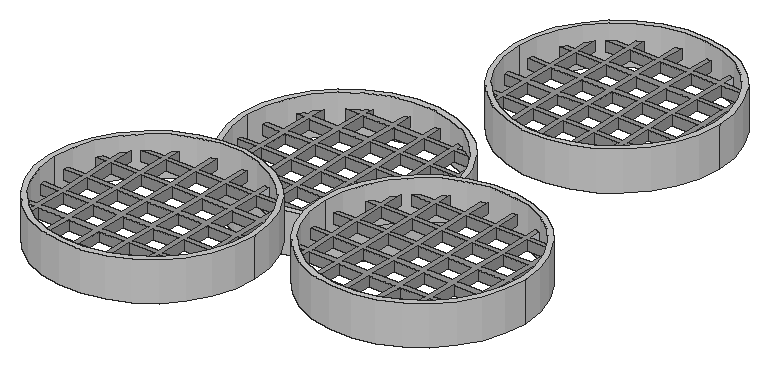
Revit family "CLD-FMD-002_BASKET_RFA", category Modelos genéricos, Revit 2022 (continued)
Forms (in)
  Extrusion 209, solid, not visible
    sketch origin (0, 48, 0) x (0, 1, 0) y (0, 0, 1)
      loop
        line (0.42221, 1.66259) -> (0.42231, 0.67354)
        arc (0.42231, 0.67354) -> (0.41009, 0.64403) -> (0.38057, 0.6318) r 0.04174
        line (0.38057, 0.6318) -> (-0.00639, 0.6318) -> (-0.00639, 0.59057) -> (0.8874, 0.59057) -> (0.8874, 0.6318) -> (0.49998, 0.6318)
        arc (0.49998, 0.6318) -> (0.47046, 0.64403) -> (0.45824, 0.67354) r 0.04174
        line (0.45824, 0.67354) -> (0.45834, 1.66259)
        arc (0.45834, 1.66259) -> (0.46543, 1.67969) -> (0.48252, 1.68677) r 0.02418
        line (0.48252, 1.68677) -> (0.52252, 1.68677)
        arc (0.52252, 1.68677) -> (0.55303, 1.69941) -> (0.56566, 1.72991) r 0.04314
        line (0.56566, 1.72991) -> (0.56566, 2.14095)
        arc (0.56566, 2.14095) -> (0.5626, 2.15637) -> (0.55386, 2.16944) r 0.04029
        line (0.55386, 2.16944) -> (0.47053, 2.25277)
        arc (0.47053, 2.25277) -> (0.44027, 2.2653) -> (0.41002, 2.25277) r 0.04279
        line (0.41002, 2.25277) -> (0.32669, 2.16944)
        arc (0.32669, 2.16944) -> (0.31795, 2.15637) -> (0.31489, 2.14095) r 0.04029
        line (0.31489, 2.14095) -> (0.31489, 1.72991)
        arc (0.31489, 1.72991) -> (0.32752, 1.69941) -> (0.35803, 1.68677) r 0.04314
        line (0.35803, 1.68677) -> (0.39803, 1.68677)
        arc (0.39803, 1.68677) -> (0.41512, 1.67969) -> (0.42221, 1.66259) r 0.02418
      loop
        arc (0.33294, 1.7291) -> (0.34005, 1.71194) -> (0.35722, 1.70483) r 0.02428
        line (0.35722, 1.70483) -> (0.39815, 1.70483)
        arc (0.39815, 1.70483) -> (0.42797, 1.69248) -> (0.44023, 1.66266) r 0.04217
        arc (0.44023, 1.66266) -> (0.45258, 1.69248) -> (0.4824, 1.70483) r 0.04217
        line (0.4824, 1.70483) -> (0.52333, 1.70483)
        arc (0.52333, 1.70483) -> (0.54049, 1.71194) -> (0.54761, 1.7291) r 0.02428
        line (0.54761, 1.7291) -> (0.54761, 2.15016) -> (0.45704, 2.24072)
        arc (0.45704, 2.24072) -> (0.44027, 2.24767) -> (0.42351, 2.24072) r 0.02371
        line (0.42351, 2.24072) -> (0.33294, 2.15016) -> (0.33294, 1.7291)
    from 0 to 96.9361
  Extrusion 210, solid, not visible
    sketch origin (0, 72, 0) x (0, 1, 0) y (0, 0, 1)
      loop
        line (0.42221, 1.66259) -> (0.42231, 0.67354)
        arc (0.42231, 0.67354) -> (0.41009, 0.64403) -> (0.38057, 0.6318) r 0.04174
        line (0.38057, 0.6318) -> (-0.00639, 0.6318) -> (-0.00639, 0.59057) -> (0.8874, 0.59057) -> (0.8874, 0.6318) -> (0.49998, 0.6318)
        arc (0.49998, 0.6318) -> (0.47046, 0.64403) -> (0.45824, 0.67354) r 0.04174
        line (0.45824, 0.67354) -> (0.45834, 1.66259)
        arc (0.45834, 1.66259) -> (0.46543, 1.67969) -> (0.48252, 1.68677) r 0.02418
        line (0.48252, 1.68677) -> (0.52252, 1.68677)
        arc (0.52252, 1.68677) -> (0.55303, 1.69941) -> (0.56566, 1.72991) r 0.04314
        line (0.56566, 1.72991) -> (0.56566, 2.14095)
        arc (0.56566, 2.14095) -> (0.5626, 2.15637) -> (0.55386, 2.16944) r 0.04029
        line (0.55386, 2.16944) -> (0.47053, 2.25277)
        arc (0.47053, 2.25277) -> (0.44027, 2.2653) -> (0.41002, 2.25277) r 0.04279
        line (0.41002, 2.25277) -> (0.32669, 2.16944)
        arc (0.32669, 2.16944) -> (0.31795, 2.15637) -> (0.31489, 2.14095) r 0.04029
        line (0.31489, 2.14095) -> (0.31489, 1.72991)
        arc (0.31489, 1.72991) -> (0.32752, 1.69941) -> (0.35803, 1.68677) r 0.04314
        line (0.35803, 1.68677) -> (0.39803, 1.68677)
        arc (0.39803, 1.68677) -> (0.41512, 1.67969) -> (0.42221, 1.66259) r 0.02418
      loop
        arc (0.33294, 1.7291) -> (0.34005, 1.71194) -> (0.35722, 1.70483) r 0.02428
        line (0.35722, 1.70483) -> (0.39815, 1.70483)
        arc (0.39815, 1.70483) -> (0.42797, 1.69248) -> (0.44023, 1.66266) r 0.04217
        arc (0.44023, 1.66266) -> (0.45258, 1.69248) -> (0.4824, 1.70483) r 0.04217
        line (0.4824, 1.70483) -> (0.52333, 1.70483)
        arc (0.52333, 1.70483) -> (0.54049, 1.71194) -> (0.54761, 1.7291) r 0.02428
        line (0.54761, 1.7291) -> (0.54761, 2.15016) -> (0.45704, 2.24072)
        arc (0.45704, 2.24072) -> (0.44027, 2.24767) -> (0.42351, 2.24072) r 0.02371
        line (0.42351, 2.24072) -> (0.33294, 2.15016) -> (0.33294, 1.7291)
    from 0 to 96.9361
  Extrusion 211, solid, not visible
    sketch origin (0, 96, 0) x (0, 1, 0) y (0, 0, 1)
      loop
        line (0.42221, 1.66259) -> (0.42231, 0.67354)
        arc (0.42231, 0.67354) -> (0.41009, 0.64403) -> (0.38057, 0.6318) r 0.04174
        line (0.38057, 0.6318) -> (-0.00639, 0.6318) -> (-0.00639, 0.59057) -> (0.8874, 0.59057) -> (0.8874, 0.6318) -> (0.49998, 0.6318)
        arc (0.49998, 0.6318) -> (0.47046, 0.64403) -> (0.45824, 0.67354) r 0.04174
        line (0.45824, 0.67354) -> (0.45834, 1.66259)
        arc (0.45834, 1.66259) -> (0.46543, 1.67969) -> (0.48252, 1.68677) r 0.02418
        line (0.48252, 1.68677) -> (0.52252, 1.68677)
        arc (0.52252, 1.68677) -> (0.55303, 1.69941) -> (0.56566, 1.72991) r 0.04314
        line (0.56566, 1.72991) -> (0.56566, 2.14095)
        arc (0.56566, 2.14095) -> (0.5626, 2.15637) -> (0.55386, 2.16944) r 0.04029
        line (0.55386, 2.16944) -> (0.47053, 2.25277)
        arc (0.47053, 2.25277) -> (0.44027, 2.2653) -> (0.41002, 2.25277) r 0.04279
        line (0.41002, 2.25277) -> (0.32669, 2.16944)
        arc (0.32669, 2.16944) -> (0.31795, 2.15637) -> (0.31489, 2.14095) r 0.04029
        line (0.31489, 2.14095) -> (0.31489, 1.72991)
        arc (0.31489, 1.72991) -> (0.32752, 1.69941) -> (0.35803, 1.68677) r 0.04314
        line (0.35803, 1.68677) -> (0.39803, 1.68677)
        arc (0.39803, 1.68677) -> (0.41512, 1.67969) -> (0.42221, 1.66259) r 0.02418
      loop
        arc (0.33294, 1.7291) -> (0.34005, 1.71194) -> (0.35722, 1.70483) r 0.02428
        line (0.35722, 1.70483) -> (0.39815, 1.70483)
        arc (0.39815, 1.70483) -> (0.42797, 1.69248) -> (0.44023, 1.66266) r 0.04217
        arc (0.44023, 1.66266) -> (0.45258, 1.69248) -> (0.4824, 1.70483) r 0.04217
        line (0.4824, 1.70483) -> (0.52333, 1.70483)
        arc (0.52333, 1.70483) -> (0.54049, 1.71194) -> (0.54761, 1.7291) r 0.02428
        line (0.54761, 1.7291) -> (0.54761, 2.15016) -> (0.45704, 2.24072)
        arc (0.45704, 2.24072) -> (0.44027, 2.24767) -> (0.42351, 2.24072) r 0.02371
        line (0.42351, 2.24072) -> (0.33294, 2.15016) -> (0.33294, 1.7291)
    from 0 to 96.9361
  Extrusion 212, solid, not visible
    sketch origin (48.02754, 154.90856, 0) x (1, 0, 0) y (0, 0, 1)
      loop
        line (0.42221, 1.66259) -> (0.42231, 0.67354)
        arc (0.42231, 0.67354) -> (0.41009, 0.64403) -> (0.38057, 0.6318) r 0.04174
        line (0.38057, 0.6318) -> (-0.00639, 0.6318) -> (-0.00639, 0.59057) -> (0.8874, 0.59057) -> (0.8874, 0.6318) -> (0.49998, 0.6318)
        arc (0.49998, 0.6318) -> (0.47046, 0.64403) -> (0.45824, 0.67354) r 0.04174
        line (0.45824, 0.67354) -> (0.45834, 1.66259)
        arc (0.45834, 1.66259) -> (0.46543, 1.67969) -> (0.48252, 1.68677) r 0.02418
        line (0.48252, 1.68677) -> (0.52252, 1.68677)
        arc (0.52252, 1.68677) -> (0.55303, 1.69941) -> (0.56566, 1.72991) r 0.04314
        line (0.56566, 1.72991) -> (0.56566, 2.14095)
        arc (0.56566, 2.14095) -> (0.5626, 2.15637) -> (0.55386, 2.16944) r 0.04029
        line (0.55386, 2.16944) -> (0.47053, 2.25277)
        arc (0.47053, 2.25277) -> (0.44027, 2.2653) -> (0.41002, 2.25277) r 0.04279
        line (0.41002, 2.25277) -> (0.32669, 2.16944)
        arc (0.32669, 2.16944) -> (0.31795, 2.15637) -> (0.31489, 2.14095) r 0.04029
        line (0.31489, 2.14095) -> (0.31489, 1.72991)
        arc (0.31489, 1.72991) -> (0.32752, 1.69941) -> (0.35803, 1.68677) r 0.04314
        line (0.35803, 1.68677) -> (0.39803, 1.68677)
        arc (0.39803, 1.68677) -> (0.41512, 1.67969) -> (0.42221, 1.66259) r 0.02418
      loop
        arc (0.33294, 1.7291) -> (0.34005, 1.71194) -> (0.35722, 1.70483) r 0.02428
        line (0.35722, 1.70483) -> (0.39815, 1.70483)
        arc (0.39815, 1.70483) -> (0.42797, 1.69248) -> (0.44023, 1.66266) r 0.04217
        arc (0.44023, 1.66266) -> (0.45258, 1.69248) -> (0.4824, 1.70483) r 0.04217
        line (0.4824, 1.70483) -> (0.52333, 1.70483)
        arc (0.52333, 1.70483) -> (0.54049, 1.71194) -> (0.54761, 1.7291) r 0.02428
        line (0.54761, 1.7291) -> (0.54761, 2.15016) -> (0.45704, 2.24072)
        arc (0.45704, 2.24072) -> (0.44027, 2.24767) -> (0.42351, 2.24072) r 0.02371
        line (0.42351, 2.24072) -> (0.33294, 2.15016) -> (0.33294, 1.7291)
    from 58.93614 to 81.99864
  Extrusion 213, solid, not visible
    sketch origin (72.02767, 154.90856, 0) x (1, 0, 0) y (0, 0, 1)
      loop
        line (0.42221, 1.66259) -> (0.42231, 0.67354)
        arc (0.42231, 0.67354) -> (0.41009, 0.64403) -> (0.38057, 0.6318) r 0.04174
        line (0.38057, 0.6318) -> (-0.00639, 0.6318) -> (-0.00639, 0.59057) -> (0.8874, 0.59057) -> (0.8874, 0.6318) -> (0.49998, 0.6318)
        arc (0.49998, 0.6318) -> (0.47046, 0.64403) -> (0.45824, 0.67354) r 0.04174
        line (0.45824, 0.67354) -> (0.45834, 1.66259)
        arc (0.45834, 1.66259) -> (0.46543, 1.67969) -> (0.48252, 1.68677) r 0.02418
        line (0.48252, 1.68677) -> (0.52252, 1.68677)
        arc (0.52252, 1.68677) -> (0.55303, 1.69941) -> (0.56566, 1.72991) r 0.04314
        line (0.56566, 1.72991) -> (0.56566, 2.14095)
        arc (0.56566, 2.14095) -> (0.5626, 2.15637) -> (0.55386, 2.16944) r 0.04029
        line (0.55386, 2.16944) -> (0.47053, 2.25277)
        arc (0.47053, 2.25277) -> (0.44027, 2.2653) -> (0.41002, 2.25277) r 0.04279
        line (0.41002, 2.25277) -> (0.32669, 2.16944)
        arc (0.32669, 2.16944) -> (0.31795, 2.15637) -> (0.31489, 2.14095) r 0.04029
        line (0.31489, 2.14095) -> (0.31489, 1.72991)
        arc (0.31489, 1.72991) -> (0.32752, 1.69941) -> (0.35803, 1.68677) r 0.04314
        line (0.35803, 1.68677) -> (0.39803, 1.68677)
        arc (0.39803, 1.68677) -> (0.41512, 1.67969) -> (0.42221, 1.66259) r 0.02418
      loop
        arc (0.33294, 1.7291) -> (0.34005, 1.71194) -> (0.35722, 1.70483) r 0.02428
        line (0.35722, 1.70483) -> (0.39815, 1.70483)
        arc (0.39815, 1.70483) -> (0.42797, 1.69248) -> (0.44023, 1.66266) r 0.04217
        arc (0.44023, 1.66266) -> (0.45258, 1.69248) -> (0.4824, 1.70483) r 0.04217
        line (0.4824, 1.70483) -> (0.52333, 1.70483)
        arc (0.52333, 1.70483) -> (0.54049, 1.71194) -> (0.54761, 1.7291) r 0.02428
        line (0.54761, 1.7291) -> (0.54761, 2.15016) -> (0.45704, 2.24072)
        arc (0.45704, 2.24072) -> (0.44027, 2.24767) -> (0.42351, 2.24072) r 0.02371
        line (0.42351, 2.24072) -> (0.33294, 2.15016) -> (0.33294, 1.7291)
    from 58.93614 to 81.99864
  Extrusion 214, solid, not visible
    sketch origin (96.02767, 154.90856, 0) x (1, 0, 0) y (0, 0, 1)
      loop
        line (0.42221, 1.66259) -> (0.42231, 0.67354)
        arc (0.42231, 0.67354) -> (0.41009, 0.64403) -> (0.38057, 0.6318) r 0.04174
        line (0.38057, 0.6318) -> (-0.00639, 0.6318) -> (-0.00639, 0.59057) -> (0.8874, 0.59057) -> (0.8874, 0.6318) -> (0.49998, 0.6318)
        arc (0.49998, 0.6318) -> (0.47046, 0.64403) -> (0.45824, 0.67354) r 0.04174
        line (0.45824, 0.67354) -> (0.45834, 1.66259)
        arc (0.45834, 1.66259) -> (0.46543, 1.67969) -> (0.48252, 1.68677) r 0.02418
        line (0.48252, 1.68677) -> (0.52252, 1.68677)
        arc (0.52252, 1.68677) -> (0.55303, 1.69941) -> (0.56566, 1.72991) r 0.04314
        line (0.56566, 1.72991) -> (0.56566, 2.14095)
        arc (0.56566, 2.14095) -> (0.5626, 2.15637) -> (0.55386, 2.16944) r 0.04029
        line (0.55386, 2.16944) -> (0.47053, 2.25277)
        arc (0.47053, 2.25277) -> (0.44027, 2.2653) -> (0.41002, 2.25277) r 0.04279
        line (0.41002, 2.25277) -> (0.32669, 2.16944)
        arc (0.32669, 2.16944) -> (0.31795, 2.15637) -> (0.31489, 2.14095) r 0.04029
        line (0.31489, 2.14095) -> (0.31489, 1.72991)
        arc (0.31489, 1.72991) -> (0.32752, 1.69941) -> (0.35803, 1.68677) r 0.04314
        line (0.35803, 1.68677) -> (0.39803, 1.68677)
        arc (0.39803, 1.68677) -> (0.41512, 1.67969) -> (0.42221, 1.66259) r 0.02418
      loop
        arc (0.33294, 1.7291) -> (0.34005, 1.71194) -> (0.35722, 1.70483) r 0.02428
        line (0.35722, 1.70483) -> (0.39815, 1.70483)
        arc (0.39815, 1.70483) -> (0.42797, 1.69248) -> (0.44023, 1.66266) r 0.04217
        arc (0.44023, 1.66266) -> (0.45258, 1.69248) -> (0.4824, 1.70483) r 0.04217
        line (0.4824, 1.70483) -> (0.52333, 1.70483)
        arc (0.52333, 1.70483) -> (0.54049, 1.71194) -> (0.54761, 1.7291) r 0.02428
        line (0.54761, 1.7291) -> (0.54761, 2.15016) -> (0.45704, 2.24072)
        arc (0.45704, 2.24072) -> (0.44027, 2.24767) -> (0.42351, 2.24072) r 0.02371
        line (0.42351, 2.24072) -> (0.33294, 2.15016) -> (0.33294, 1.7291)
    from 58.93614 to 81.99864
  Extrusion 215, solid, not visible
    sketch origin (24.02767, 154.90856, 0) x (1, 0, 0) y (0, 0, 1)
      loop
        line (0.42221, 1.66259) -> (0.42231, 0.67354)
        arc (0.42231, 0.67354) -> (0.41009, 0.64403) -> (0.38057, 0.6318) r 0.04174
        line (0.38057, 0.6318) -> (-0.00639, 0.6318) -> (-0.00639, 0.59057) -> (0.8874, 0.59057) -> (0.8874, 0.6318) -> (0.49998, 0.6318)
        arc (0.49998, 0.6318) -> (0.47046, 0.64403) -> (0.45824, 0.67354) r 0.04174
        line (0.45824, 0.67354) -> (0.45834, 1.66259)
        arc (0.45834, 1.66259) -> (0.46543, 1.67969) -> (0.48252, 1.68677) r 0.02418
        line (0.48252, 1.68677) -> (0.52252, 1.68677)
        arc (0.52252, 1.68677) -> (0.55303, 1.69941) -> (0.56566, 1.72991) r 0.04314
        line (0.56566, 1.72991) -> (0.56566, 2.14095)
        arc (0.56566, 2.14095) -> (0.5626, 2.15637) -> (0.55386, 2.16944) r 0.04029
        line (0.55386, 2.16944) -> (0.47053, 2.25277)
        arc (0.47053, 2.25277) -> (0.44027, 2.2653) -> (0.41002, 2.25277) r 0.04279
        line (0.41002, 2.25277) -> (0.32669, 2.16944)
        arc (0.32669, 2.16944) -> (0.31795, 2.15637) -> (0.31489, 2.14095) r 0.04029
        line (0.31489, 2.14095) -> (0.31489, 1.72991)
        arc (0.31489, 1.72991) -> (0.32752, 1.69941) -> (0.35803, 1.68677) r 0.04314
        line (0.35803, 1.68677) -> (0.39803, 1.68677)
        arc (0.39803, 1.68677) -> (0.41512, 1.67969) -> (0.42221, 1.66259) r 0.02418
      loop
        arc (0.33294, 1.7291) -> (0.34005, 1.71194) -> (0.35722, 1.70483) r 0.02428
        line (0.35722, 1.70483) -> (0.39815, 1.70483)
        arc (0.39815, 1.70483) -> (0.42797, 1.69248) -> (0.44023, 1.66266) r 0.04217
        arc (0.44023, 1.66266) -> (0.45258, 1.69248) -> (0.4824, 1.70483) r 0.04217
        line (0.4824, 1.70483) -> (0.52333, 1.70483)
        arc (0.52333, 1.70483) -> (0.54049, 1.71194) -> (0.54761, 1.7291) r 0.02428
        line (0.54761, 1.7291) -> (0.54761, 2.15016) -> (0.45704, 2.24072)
        arc (0.45704, 2.24072) -> (0.44027, 2.24767) -> (0.42351, 2.24072) r 0.02371
        line (0.42351, 2.24072) -> (0.33294, 2.15016) -> (0.33294, 1.7291)
    from 58.93614 to 81.99864
  Extrusion 216, solid, not visible
    sketch origin (0.02767, 154.90856, 0) x (1, 0, 0) y (0, 0, 1)
      loop
        line (0.42221, 1.66259) -> (0.42231, 0.67354)
        arc (0.42231, 0.67354) -> (0.41009, 0.64403) -> (0.38057, 0.6318) r 0.04174
        line (0.38057, 0.6318) -> (-0.00639, 0.6318) -> (-0.00639, 0.59057) -> (0.8874, 0.59057) -> (0.8874, 0.6318) -> (0.49998, 0.6318)
        arc (0.49998, 0.6318) -> (0.47046, 0.64403) -> (0.45824, 0.67354) r 0.04174
        line (0.45824, 0.67354) -> (0.45834, 1.66259)
        arc (0.45834, 1.66259) -> (0.46543, 1.67969) -> (0.48252, 1.68677) r 0.02418
        line (0.48252, 1.68677) -> (0.52252, 1.68677)
        arc (0.52252, 1.68677) -> (0.55303, 1.69941) -> (0.56566, 1.72991) r 0.04314
        line (0.56566, 1.72991) -> (0.56566, 2.14095)
        arc (0.56566, 2.14095) -> (0.5626, 2.15637) -> (0.55386, 2.16944) r 0.04029
        line (0.55386, 2.16944) -> (0.47053, 2.25277)
        arc (0.47053, 2.25277) -> (0.44027, 2.2653) -> (0.41002, 2.25277) r 0.04279
        line (0.41002, 2.25277) -> (0.32669, 2.16944)
        arc (0.32669, 2.16944) -> (0.31795, 2.15637) -> (0.31489, 2.14095) r 0.04029
        line (0.31489, 2.14095) -> (0.31489, 1.72991)
        arc (0.31489, 1.72991) -> (0.32752, 1.69941) -> (0.35803, 1.68677) r 0.04314
        line (0.35803, 1.68677) -> (0.39803, 1.68677)
        arc (0.39803, 1.68677) -> (0.41512, 1.67969) -> (0.42221, 1.66259) r 0.02418
      loop
        arc (0.33294, 1.7291) -> (0.34005, 1.71194) -> (0.35722, 1.70483) r 0.02428
        line (0.35722, 1.70483) -> (0.39815, 1.70483)
        arc (0.39815, 1.70483) -> (0.42797, 1.69248) -> (0.44023, 1.66266) r 0.04217
        arc (0.44023, 1.66266) -> (0.45258, 1.69248) -> (0.4824, 1.70483) r 0.04217
        line (0.4824, 1.70483) -> (0.52333, 1.70483)
        arc (0.52333, 1.70483) -> (0.54049, 1.71194) -> (0.54761, 1.7291) r 0.02428
        line (0.54761, 1.7291) -> (0.54761, 2.15016) -> (0.45704, 2.24072)
        arc (0.45704, 2.24072) -> (0.44027, 2.24767) -> (0.42351, 2.24072) r 0.02371
        line (0.42351, 2.24072) -> (0.33294, 2.15016) -> (0.33294, 1.7291)
    from 58.93614 to 81.99864
  Extrusion 217, solid, not visible
    sketch origin (48.02754, 130.90855, 0) x (1, 0, 0) y (0, 0, 1)
      loop
        line (0.42221, 1.66259) -> (0.42231, 0.67354)
        arc (0.42231, 0.67354) -> (0.41009, 0.64403) -> (0.38057, 0.6318) r 0.04174
        line (0.38057, 0.6318) -> (-0.00639, 0.6318) -> (-0.00639, 0.59057) -> (0.8874, 0.59057) -> (0.8874, 0.6318) -> (0.49998, 0.6318)
        arc (0.49998, 0.6318) -> (0.47046, 0.64403) -> (0.45824, 0.67354) r 0.04174
        line (0.45824, 0.67354) -> (0.45834, 1.66259)
        arc (0.45834, 1.66259) -> (0.46543, 1.67969) -> (0.48252, 1.68677) r 0.02418
        line (0.48252, 1.68677) -> (0.52252, 1.68677)
        arc (0.52252, 1.68677) -> (0.55303, 1.69941) -> (0.56566, 1.72991) r 0.04314
        line (0.56566, 1.72991) -> (0.56566, 2.14095)
        arc (0.56566, 2.14095) -> (0.5626, 2.15637) -> (0.55386, 2.16944) r 0.04029
        line (0.55386, 2.16944) -> (0.47053, 2.25277)
        arc (0.47053, 2.25277) -> (0.44027, 2.2653) -> (0.41002, 2.25277) r 0.04279
        line (0.41002, 2.25277) -> (0.32669, 2.16944)
        arc (0.32669, 2.16944) -> (0.31795, 2.15637) -> (0.31489, 2.14095) r 0.04029
        line (0.31489, 2.14095) -> (0.31489, 1.72991)
        arc (0.31489, 1.72991) -> (0.32752, 1.69941) -> (0.35803, 1.68677) r 0.04314
        line (0.35803, 1.68677) -> (0.39803, 1.68677)
        arc (0.39803, 1.68677) -> (0.41512, 1.67969) -> (0.42221, 1.66259) r 0.02418
      loop
        arc (0.33294, 1.7291) -> (0.34005, 1.71194) -> (0.35722, 1.70483) r 0.02428
        line (0.35722, 1.70483) -> (0.39815, 1.70483)
        arc (0.39815, 1.70483) -> (0.42797, 1.69248) -> (0.44023, 1.66266) r 0.04217
        arc (0.44023, 1.66266) -> (0.45258, 1.69248) -> (0.4824, 1.70483) r 0.04217
        line (0.4824, 1.70483) -> (0.52333, 1.70483)
        arc (0.52333, 1.70483) -> (0.54049, 1.71194) -> (0.54761, 1.7291) r 0.02428
        line (0.54761, 1.7291) -> (0.54761, 2.15016) -> (0.45704, 2.24072)
        arc (0.45704, 2.24072) -> (0.44027, 2.24767) -> (0.42351, 2.24072) r 0.02371
        line (0.42351, 2.24072) -> (0.33294, 2.15016) -> (0.33294, 1.7291)
    from 58.93614 to 81.99864
  Extrusion 218, solid, not visible
    sketch origin (72.02767, 130.90855, 0) x (1, 0, 0) y (0, 0, 1)
      loop
        line (0.42221, 1.66259) -> (0.42231, 0.67354)
        arc (0.42231, 0.67354) -> (0.41009, 0.64403) -> (0.38057, 0.6318) r 0.04174
        line (0.38057, 0.6318) -> (-0.00639, 0.6318) -> (-0.00639, 0.59057) -> (0.8874, 0.59057) -> (0.8874, 0.6318) -> (0.49998, 0.6318)
        arc (0.49998, 0.6318) -> (0.47046, 0.64403) -> (0.45824, 0.67354) r 0.04174
        line (0.45824, 0.67354) -> (0.45834, 1.66259)
        arc (0.45834, 1.66259) -> (0.46543, 1.67969) -> (0.48252, 1.68677) r 0.02418
        line (0.48252, 1.68677) -> (0.52252, 1.68677)
        arc (0.52252, 1.68677) -> (0.55303, 1.69941) -> (0.56566, 1.72991) r 0.04314
        line (0.56566, 1.72991) -> (0.56566, 2.14095)
        arc (0.56566, 2.14095) -> (0.5626, 2.15637) -> (0.55386, 2.16944) r 0.04029
        line (0.55386, 2.16944) -> (0.47053, 2.25277)
        arc (0.47053, 2.25277) -> (0.44027, 2.2653) -> (0.41002, 2.25277) r 0.04279
        line (0.41002, 2.25277) -> (0.32669, 2.16944)
        arc (0.32669, 2.16944) -> (0.31795, 2.15637) -> (0.31489, 2.14095) r 0.04029
        line (0.31489, 2.14095) -> (0.31489, 1.72991)
        arc (0.31489, 1.72991) -> (0.32752, 1.69941) -> (0.35803, 1.68677) r 0.04314
        line (0.35803, 1.68677) -> (0.39803, 1.68677)
        arc (0.39803, 1.68677) -> (0.41512, 1.67969) -> (0.42221, 1.66259) r 0.02418
      loop
        arc (0.33294, 1.7291) -> (0.34005, 1.71194) -> (0.35722, 1.70483) r 0.02428
        line (0.35722, 1.70483) -> (0.39815, 1.70483)
        arc (0.39815, 1.70483) -> (0.42797, 1.69248) -> (0.44023, 1.66266) r 0.04217
        arc (0.44023, 1.66266) -> (0.45258, 1.69248) -> (0.4824, 1.70483) r 0.04217
        line (0.4824, 1.70483) -> (0.52333, 1.70483)
        arc (0.52333, 1.70483) -> (0.54049, 1.71194) -> (0.54761, 1.7291) r 0.02428
        line (0.54761, 1.7291) -> (0.54761, 2.15016) -> (0.45704, 2.24072)
        arc (0.45704, 2.24072) -> (0.44027, 2.24767) -> (0.42351, 2.24072) r 0.02371
        line (0.42351, 2.24072) -> (0.33294, 2.15016) -> (0.33294, 1.7291)
    from 58.93614 to 81.99864
  Extrusion 219, solid, not visible
    sketch origin (96.02767, 130.90855, 0) x (1, 0, 0) y (0, 0, 1)
      loop
        line (0.42221, 1.66259) -> (0.42231, 0.67354)
        arc (0.42231, 0.67354) -> (0.41009, 0.64403) -> (0.38057, 0.6318) r 0.04174
        line (0.38057, 0.6318) -> (-0.00639, 0.6318) -> (-0.00639, 0.59057) -> (0.8874, 0.59057) -> (0.8874, 0.6318) -> (0.49998, 0.6318)
        arc (0.49998, 0.6318) -> (0.47046, 0.64403) -> (0.45824, 0.67354) r 0.04174
        line (0.45824, 0.67354) -> (0.45834, 1.66259)
        arc (0.45834, 1.66259) -> (0.46543, 1.67969) -> (0.48252, 1.68677) r 0.02418
        line (0.48252, 1.68677) -> (0.52252, 1.68677)
        arc (0.52252, 1.68677) -> (0.55303, 1.69941) -> (0.56566, 1.72991) r 0.04314
        line (0.56566, 1.72991) -> (0.56566, 2.14095)
        arc (0.56566, 2.14095) -> (0.5626, 2.15637) -> (0.55386, 2.16944) r 0.04029
        line (0.55386, 2.16944) -> (0.47053, 2.25277)
        arc (0.47053, 2.25277) -> (0.44027, 2.2653) -> (0.41002, 2.25277) r 0.04279
        line (0.41002, 2.25277) -> (0.32669, 2.16944)
        arc (0.32669, 2.16944) -> (0.31795, 2.15637) -> (0.31489, 2.14095) r 0.04029
        line (0.31489, 2.14095) -> (0.31489, 1.72991)
        arc (0.31489, 1.72991) -> (0.32752, 1.69941) -> (0.35803, 1.68677) r 0.04314
        line (0.35803, 1.68677) -> (0.39803, 1.68677)
        arc (0.39803, 1.68677) -> (0.41512, 1.67969) -> (0.42221, 1.66259) r 0.02418
      loop
        arc (0.33294, 1.7291) -> (0.34005, 1.71194) -> (0.35722, 1.70483) r 0.02428
        line (0.35722, 1.70483) -> (0.39815, 1.70483)
        arc (0.39815, 1.70483) -> (0.42797, 1.69248) -> (0.44023, 1.66266) r 0.04217
        arc (0.44023, 1.66266) -> (0.45258, 1.69248) -> (0.4824, 1.70483) r 0.04217
        line (0.4824, 1.70483) -> (0.52333, 1.70483)
        arc (0.52333, 1.70483) -> (0.54049, 1.71194) -> (0.54761, 1.7291) r 0.02428
        line (0.54761, 1.7291) -> (0.54761, 2.15016) -> (0.45704, 2.24072)
        arc (0.45704, 2.24072) -> (0.44027, 2.24767) -> (0.42351, 2.24072) r 0.02371
        line (0.42351, 2.24072) -> (0.33294, 2.15016) -> (0.33294, 1.7291)
    from 58.93614 to 81.99864
  Extrusion 220, solid, not visible
    sketch origin (24.02767, 130.90855, 0) x (1, 0, 0) y (0, 0, 1)
      loop
        line (0.42221, 1.66259) -> (0.42231, 0.67354)
        arc (0.42231, 0.67354) -> (0.41009, 0.64403) -> (0.38057, 0.6318) r 0.04174
        line (0.38057, 0.6318) -> (-0.00639, 0.6318) -> (-0.00639, 0.59057) -> (0.8874, 0.59057) -> (0.8874, 0.6318) -> (0.49998, 0.6318)
        arc (0.49998, 0.6318) -> (0.47046, 0.64403) -> (0.45824, 0.67354) r 0.04174
        line (0.45824, 0.67354) -> (0.45834, 1.66259)
        arc (0.45834, 1.66259) -> (0.46543, 1.67969) -> (0.48252, 1.68677) r 0.02418
        line (0.48252, 1.68677) -> (0.52252, 1.68677)
        arc (0.52252, 1.68677) -> (0.55303, 1.69941) -> (0.56566, 1.72991) r 0.04314
        line (0.56566, 1.72991) -> (0.56566, 2.14095)
        arc (0.56566, 2.14095) -> (0.5626, 2.15637) -> (0.55386, 2.16944) r 0.04029
        line (0.55386, 2.16944) -> (0.47053, 2.25277)
        arc (0.47053, 2.25277) -> (0.44027, 2.2653) -> (0.41002, 2.25277) r 0.04279
        line (0.41002, 2.25277) -> (0.32669, 2.16944)
        arc (0.32669, 2.16944) -> (0.31795, 2.15637) -> (0.31489, 2.14095) r 0.04029
        line (0.31489, 2.14095) -> (0.31489, 1.72991)
        arc (0.31489, 1.72991) -> (0.32752, 1.69941) -> (0.35803, 1.68677) r 0.04314
        line (0.35803, 1.68677) -> (0.39803, 1.68677)
        arc (0.39803, 1.68677) -> (0.41512, 1.67969) -> (0.42221, 1.66259) r 0.02418
      loop
        arc (0.33294, 1.7291) -> (0.34005, 1.71194) -> (0.35722, 1.70483) r 0.02428
        line (0.35722, 1.70483) -> (0.39815, 1.70483)
        arc (0.39815, 1.70483) -> (0.42797, 1.69248) -> (0.44023, 1.66266) r 0.04217
        arc (0.44023, 1.66266) -> (0.45258, 1.69248) -> (0.4824, 1.70483) r 0.04217
        line (0.4824, 1.70483) -> (0.52333, 1.70483)
        arc (0.52333, 1.70483) -> (0.54049, 1.71194) -> (0.54761, 1.7291) r 0.02428
        line (0.54761, 1.7291) -> (0.54761, 2.15016) -> (0.45704, 2.24072)
        arc (0.45704, 2.24072) -> (0.44027, 2.24767) -> (0.42351, 2.24072) r 0.02371
        line (0.42351, 2.24072) -> (0.33294, 2.15016) -> (0.33294, 1.7291)
    from 58.93614 to 81.99864
  Extrusion 221, solid, not visible
    sketch origin (0.02767, 130.90855, 0) x (1, 0, 0) y (0, 0, 1)
      loop
        line (0.42221, 1.66259) -> (0.42231, 0.67354)
        arc (0.42231, 0.67354) -> (0.41009, 0.64403) -> (0.38057, 0.6318) r 0.04174
        line (0.38057, 0.6318) -> (-0.00639, 0.6318) -> (-0.00639, 0.59057) -> (0.8874, 0.59057) -> (0.8874, 0.6318) -> (0.49998, 0.6318)
        arc (0.49998, 0.6318) -> (0.47046, 0.64403) -> (0.45824, 0.67354) r 0.04174
        line (0.45824, 0.67354) -> (0.45834, 1.66259)
        arc (0.45834, 1.66259) -> (0.46543, 1.67969) -> (0.48252, 1.68677) r 0.02418
        line (0.48252, 1.68677) -> (0.52252, 1.68677)
        arc (0.52252, 1.68677) -> (0.55303, 1.69941) -> (0.56566, 1.72991) r 0.04314
        line (0.56566, 1.72991) -> (0.56566, 2.14095)
        arc (0.56566, 2.14095) -> (0.5626, 2.15637) -> (0.55386, 2.16944) r 0.04029
        line (0.55386, 2.16944) -> (0.47053, 2.25277)
        arc (0.47053, 2.25277) -> (0.44027, 2.2653) -> (0.41002, 2.25277) r 0.04279
        line (0.41002, 2.25277) -> (0.32669, 2.16944)
        arc (0.32669, 2.16944) -> (0.31795, 2.15637) -> (0.31489, 2.14095) r 0.04029
        line (0.31489, 2.14095) -> (0.31489, 1.72991)
        arc (0.31489, 1.72991) -> (0.32752, 1.69941) -> (0.35803, 1.68677) r 0.04314
        line (0.35803, 1.68677) -> (0.39803, 1.68677)
        arc (0.39803, 1.68677) -> (0.41512, 1.67969) -> (0.42221, 1.66259) r 0.02418
      loop
        arc (0.33294, 1.7291) -> (0.34005, 1.71194) -> (0.35722, 1.70483) r 0.02428
        line (0.35722, 1.70483) -> (0.39815, 1.70483)
        arc (0.39815, 1.70483) -> (0.42797, 1.69248) -> (0.44023, 1.66266) r 0.04217
        arc (0.44023, 1.66266) -> (0.45258, 1.69248) -> (0.4824, 1.70483) r 0.04217
        line (0.4824, 1.70483) -> (0.52333, 1.70483)
        arc (0.52333, 1.70483) -> (0.54049, 1.71194) -> (0.54761, 1.7291) r 0.02428
        line (0.54761, 1.7291) -> (0.54761, 2.15016) -> (0.45704, 2.24072)
        arc (0.45704, 2.24072) -> (0.44027, 2.24767) -> (0.42351, 2.24072) r 0.02371
        line (0.42351, 2.24072) -> (0.33294, 2.15016) -> (0.33294, 1.7291)
    from 58.93614 to 81.99864
  Extrusion 222, solid, not visible
    sketch origin (48.02754, 106.90856, 0) x (1, 0, 0) y (0, 0, 1)
      loop
        line (0.42221, 1.66259) -> (0.42231, 0.67354)
        arc (0.42231, 0.67354) -> (0.41009, 0.64403) -> (0.38057, 0.6318) r 0.04174
        line (0.38057, 0.6318) -> (-0.00639, 0.6318) -> (-0.00639, 0.59057) -> (0.8874, 0.59057) -> (0.8874, 0.6318) -> (0.49998, 0.6318)
        arc (0.49998, 0.6318) -> (0.47046, 0.64403) -> (0.45824, 0.67354) r 0.04174
        line (0.45824, 0.67354) -> (0.45834, 1.66259)
        arc (0.45834, 1.66259) -> (0.46543, 1.67969) -> (0.48252, 1.68677) r 0.02418
        line (0.48252, 1.68677) -> (0.52252, 1.68677)
        arc (0.52252, 1.68677) -> (0.55303, 1.69941) -> (0.56566, 1.72991) r 0.04314
        line (0.56566, 1.72991) -> (0.56566, 2.14095)
        arc (0.56566, 2.14095) -> (0.5626, 2.15637) -> (0.55386, 2.16944) r 0.04029
        line (0.55386, 2.16944) -> (0.47053, 2.25277)
        arc (0.47053, 2.25277) -> (0.44027, 2.2653) -> (0.41002, 2.25277) r 0.04279
        line (0.41002, 2.25277) -> (0.32669, 2.16944)
        arc (0.32669, 2.16944) -> (0.31795, 2.15637) -> (0.31489, 2.14095) r 0.04029
        line (0.31489, 2.14095) -> (0.31489, 1.72991)
        arc (0.31489, 1.72991) -> (0.32752, 1.69941) -> (0.35803, 1.68677) r 0.04314
        line (0.35803, 1.68677) -> (0.39803, 1.68677)
        arc (0.39803, 1.68677) -> (0.41512, 1.67969) -> (0.42221, 1.66259) r 0.02418
      loop
        arc (0.33294, 1.7291) -> (0.34005, 1.71194) -> (0.35722, 1.70483) r 0.02428
        line (0.35722, 1.70483) -> (0.39815, 1.70483)
        arc (0.39815, 1.70483) -> (0.42797, 1.69248) -> (0.44023, 1.66266) r 0.04217
        arc (0.44023, 1.66266) -> (0.45258, 1.69248) -> (0.4824, 1.70483) r 0.04217
        line (0.4824, 1.70483) -> (0.52333, 1.70483)
        arc (0.52333, 1.70483) -> (0.54049, 1.71194) -> (0.54761, 1.7291) r 0.02428
        line (0.54761, 1.7291) -> (0.54761, 2.15016) -> (0.45704, 2.24072)
        arc (0.45704, 2.24072) -> (0.44027, 2.24767) -> (0.42351, 2.24072) r 0.02371
        line (0.42351, 2.24072) -> (0.33294, 2.15016) -> (0.33294, 1.7291)
    from 58.93614 to 81.99864
  Extrusion 223, solid, not visible
    sketch origin (72.02767, 106.90856, 0) x (1, 0, 0) y (0, 0, 1)
      loop
        line (0.42221, 1.66259) -> (0.42231, 0.67354)
        arc (0.42231, 0.67354) -> (0.41009, 0.64403) -> (0.38057, 0.6318) r 0.04174
        line (0.38057, 0.6318) -> (-0.00639, 0.6318) -> (-0.00639, 0.59057) -> (0.8874, 0.59057) -> (0.8874, 0.6318) -> (0.49998, 0.6318)
        arc (0.49998, 0.6318) -> (0.47046, 0.64403) -> (0.45824, 0.67354) r 0.04174
        line (0.45824, 0.67354) -> (0.45834, 1.66259)
        arc (0.45834, 1.66259) -> (0.46543, 1.67969) -> (0.48252, 1.68677) r 0.02418
        line (0.48252, 1.68677) -> (0.52252, 1.68677)
        arc (0.52252, 1.68677) -> (0.55303, 1.69941) -> (0.56566, 1.72991) r 0.04314
        line (0.56566, 1.72991) -> (0.56566, 2.14095)
        arc (0.56566, 2.14095) -> (0.5626, 2.15637) -> (0.55386, 2.16944) r 0.04029
        line (0.55386, 2.16944) -> (0.47053, 2.25277)
        arc (0.47053, 2.25277) -> (0.44027, 2.2653) -> (0.41002, 2.25277) r 0.04279
        line (0.41002, 2.25277) -> (0.32669, 2.16944)
        arc (0.32669, 2.16944) -> (0.31795, 2.15637) -> (0.31489, 2.14095) r 0.04029
        line (0.31489, 2.14095) -> (0.31489, 1.72991)
        arc (0.31489, 1.72991) -> (0.32752, 1.69941) -> (0.35803, 1.68677) r 0.04314
        line (0.35803, 1.68677) -> (0.39803, 1.68677)
        arc (0.39803, 1.68677) -> (0.41512, 1.67969) -> (0.42221, 1.66259) r 0.02418
      loop
        arc (0.33294, 1.7291) -> (0.34005, 1.71194) -> (0.35722, 1.70483) r 0.02428
        line (0.35722, 1.70483) -> (0.39815, 1.70483)
        arc (0.39815, 1.70483) -> (0.42797, 1.69248) -> (0.44023, 1.66266) r 0.04217
        arc (0.44023, 1.66266) -> (0.45258, 1.69248) -> (0.4824, 1.70483) r 0.04217
        line (0.4824, 1.70483) -> (0.52333, 1.70483)
        arc (0.52333, 1.70483) -> (0.54049, 1.71194) -> (0.54761, 1.7291) r 0.02428
        line (0.54761, 1.7291) -> (0.54761, 2.15016) -> (0.45704, 2.24072)
        arc (0.45704, 2.24072) -> (0.44027, 2.24767) -> (0.42351, 2.24072) r 0.02371
        line (0.42351, 2.24072) -> (0.33294, 2.15016) -> (0.33294, 1.7291)
    from 58.93614 to 81.99864
  Extrusion 224, solid, not visible
    sketch origin (96.02767, 106.90856, 0) x (1, 0, 0) y (0, 0, 1)
      loop
        line (0.42221, 1.66259) -> (0.42231, 0.67354)
        arc (0.42231, 0.67354) -> (0.41009, 0.64403) -> (0.38057, 0.6318) r 0.04174
        line (0.38057, 0.6318) -> (-0.00639, 0.6318) -> (-0.00639, 0.59057) -> (0.8874, 0.59057) -> (0.8874, 0.6318) -> (0.49998, 0.6318)
        arc (0.49998, 0.6318) -> (0.47046, 0.64403) -> (0.45824, 0.67354) r 0.04174
        line (0.45824, 0.67354) -> (0.45834, 1.66259)
        arc (0.45834, 1.66259) -> (0.46543, 1.67969) -> (0.48252, 1.68677) r 0.02418
        line (0.48252, 1.68677) -> (0.52252, 1.68677)
        arc (0.52252, 1.68677) -> (0.55303, 1.69941) -> (0.56566, 1.72991) r 0.04314
        line (0.56566, 1.72991) -> (0.56566, 2.14095)
        arc (0.56566, 2.14095) -> (0.5626, 2.15637) -> (0.55386, 2.16944) r 0.04029
        line (0.55386, 2.16944) -> (0.47053, 2.25277)
        arc (0.47053, 2.25277) -> (0.44027, 2.2653) -> (0.41002, 2.25277) r 0.04279
        line (0.41002, 2.25277) -> (0.32669, 2.16944)
        arc (0.32669, 2.16944) -> (0.31795, 2.15637) -> (0.31489, 2.14095) r 0.04029
        line (0.31489, 2.14095) -> (0.31489, 1.72991)
        arc (0.31489, 1.72991) -> (0.32752, 1.69941) -> (0.35803, 1.68677) r 0.04314
        line (0.35803, 1.68677) -> (0.39803, 1.68677)
        arc (0.39803, 1.68677) -> (0.41512, 1.67969) -> (0.42221, 1.66259) r 0.02418
      loop
        arc (0.33294, 1.7291) -> (0.34005, 1.71194) -> (0.35722, 1.70483) r 0.02428
        line (0.35722, 1.70483) -> (0.39815, 1.70483)
        arc (0.39815, 1.70483) -> (0.42797, 1.69248) -> (0.44023, 1.66266) r 0.04217
        arc (0.44023, 1.66266) -> (0.45258, 1.69248) -> (0.4824, 1.70483) r 0.04217
        line (0.4824, 1.70483) -> (0.52333, 1.70483)
        arc (0.52333, 1.70483) -> (0.54049, 1.71194) -> (0.54761, 1.7291) r 0.02428
        line (0.54761, 1.7291) -> (0.54761, 2.15016) -> (0.45704, 2.24072)
        arc (0.45704, 2.24072) -> (0.44027, 2.24767) -> (0.42351, 2.24072) r 0.02371
        line (0.42351, 2.24072) -> (0.33294, 2.15016) -> (0.33294, 1.7291)
    from 58.93614 to 81.99864
  Extrusion 225, solid, not visible
    sketch origin (24.02767, 106.90856, 0) x (1, 0, 0) y (0, 0, 1)
      loop
        line (0.42221, 1.66259) -> (0.42231, 0.67354)
        arc (0.42231, 0.67354) -> (0.41009, 0.64403) -> (0.38057, 0.6318) r 0.04174
        line (0.38057, 0.6318) -> (-0.00639, 0.6318) -> (-0.00639, 0.59057) -> (0.8874, 0.59057) -> (0.8874, 0.6318) -> (0.49998, 0.6318)
        arc (0.49998, 0.6318) -> (0.47046, 0.64403) -> (0.45824, 0.67354) r 0.04174
        line (0.45824, 0.67354) -> (0.45834, 1.66259)
        arc (0.45834, 1.66259) -> (0.46543, 1.67969) -> (0.48252, 1.68677) r 0.02418
        line (0.48252, 1.68677) -> (0.52252, 1.68677)
        arc (0.52252, 1.68677) -> (0.55303, 1.69941) -> (0.56566, 1.72991) r 0.04314
        line (0.56566, 1.72991) -> (0.56566, 2.14095)
        arc (0.56566, 2.14095) -> (0.5626, 2.15637) -> (0.55386, 2.16944) r 0.04029
        line (0.55386, 2.16944) -> (0.47053, 2.25277)
        arc (0.47053, 2.25277) -> (0.44027, 2.2653) -> (0.41002, 2.25277) r 0.04279
        line (0.41002, 2.25277) -> (0.32669, 2.16944)
        arc (0.32669, 2.16944) -> (0.31795, 2.15637) -> (0.31489, 2.14095) r 0.04029
        line (0.31489, 2.14095) -> (0.31489, 1.72991)
        arc (0.31489, 1.72991) -> (0.32752, 1.69941) -> (0.35803, 1.68677) r 0.04314
        line (0.35803, 1.68677) -> (0.39803, 1.68677)
        arc (0.39803, 1.68677) -> (0.41512, 1.67969) -> (0.42221, 1.66259) r 0.02418
      loop
        arc (0.33294, 1.7291) -> (0.34005, 1.71194) -> (0.35722, 1.70483) r 0.02428
        line (0.35722, 1.70483) -> (0.39815, 1.70483)
        arc (0.39815, 1.70483) -> (0.42797, 1.69248) -> (0.44023, 1.66266) r 0.04217
        arc (0.44023, 1.66266) -> (0.45258, 1.69248) -> (0.4824, 1.70483) r 0.04217
        line (0.4824, 1.70483) -> (0.52333, 1.70483)
        arc (0.52333, 1.70483) -> (0.54049, 1.71194) -> (0.54761, 1.7291) r 0.02428
        line (0.54761, 1.7291) -> (0.54761, 2.15016) -> (0.45704, 2.24072)
        arc (0.45704, 2.24072) -> (0.44027, 2.24767) -> (0.42351, 2.24072) r 0.02371
        line (0.42351, 2.24072) -> (0.33294, 2.15016) -> (0.33294, 1.7291)
    from 58.93614 to 81.99864
  Extrusion 226, solid, not visible
    sketch origin (0.02767, 106.90856, 0) x (1, 0, 0) y (0, 0, 1)
      loop
        line (0.42221, 1.66259) -> (0.42231, 0.67354)
        arc (0.42231, 0.67354) -> (0.41009, 0.64403) -> (0.38057, 0.6318) r 0.04174
        line (0.38057, 0.6318) -> (-0.00639, 0.6318) -> (-0.00639, 0.59057) -> (0.8874, 0.59057) -> (0.8874, 0.6318) -> (0.49998, 0.6318)
        arc (0.49998, 0.6318) -> (0.47046, 0.64403) -> (0.45824, 0.67354) r 0.04174
        line (0.45824, 0.67354) -> (0.45834, 1.66259)
        arc (0.45834, 1.66259) -> (0.46543, 1.67969) -> (0.48252, 1.68677) r 0.02418
        line (0.48252, 1.68677) -> (0.52252, 1.68677)
        arc (0.52252, 1.68677) -> (0.55303, 1.69941) -> (0.56566, 1.72991) r 0.04314
        line (0.56566, 1.72991) -> (0.56566, 2.14095)
        arc (0.56566, 2.14095) -> (0.5626, 2.15637) -> (0.55386, 2.16944) r 0.04029
        line (0.55386, 2.16944) -> (0.47053, 2.25277)
        arc (0.47053, 2.25277) -> (0.44027, 2.2653) -> (0.41002, 2.25277) r 0.04279
        line (0.41002, 2.25277) -> (0.32669, 2.16944)
        arc (0.32669, 2.16944) -> (0.31795, 2.15637) -> (0.31489, 2.14095) r 0.04029
        line (0.31489, 2.14095) -> (0.31489, 1.72991)
        arc (0.31489, 1.72991) -> (0.32752, 1.69941) -> (0.35803, 1.68677) r 0.04314
        line (0.35803, 1.68677) -> (0.39803, 1.68677)
        arc (0.39803, 1.68677) -> (0.41512, 1.67969) -> (0.42221, 1.66259) r 0.02418
      loop
        arc (0.33294, 1.7291) -> (0.34005, 1.71194) -> (0.35722, 1.70483) r 0.02428
        line (0.35722, 1.70483) -> (0.39815, 1.70483)
        arc (0.39815, 1.70483) -> (0.42797, 1.69248) -> (0.44023, 1.66266) r 0.04217
        arc (0.44023, 1.66266) -> (0.45258, 1.69248) -> (0.4824, 1.70483) r 0.04217
        line (0.4824, 1.70483) -> (0.52333, 1.70483)
        arc (0.52333, 1.70483) -> (0.54049, 1.71194) -> (0.54761, 1.7291) r 0.02428
        line (0.54761, 1.7291) -> (0.54761, 2.15016) -> (0.45704, 2.24072)
        arc (0.45704, 2.24072) -> (0.44027, 2.24767) -> (0.42351, 2.24072) r 0.02371
        line (0.42351, 2.24072) -> (0.33294, 2.15016) -> (0.33294, 1.7291)
    from 58.93614 to 81.99864
  Extrusion 227, solid, not visible
    sketch origin (48.02754, 82.90856, 0) x (1, 0, 0) y (0, 0, 1)
      loop
        line (0.42221, 1.66259) -> (0.42231, 0.67354)
        arc (0.42231, 0.67354) -> (0.41009, 0.64403) -> (0.38057, 0.6318) r 0.04174
        line (0.38057, 0.6318) -> (-0.00639, 0.6318) -> (-0.00639, 0.59057) -> (0.8874, 0.59057) -> (0.8874, 0.6318) -> (0.49998, 0.6318)
        arc (0.49998, 0.6318) -> (0.47046, 0.64403) -> (0.45824, 0.67354) r 0.04174
        line (0.45824, 0.67354) -> (0.45834, 1.66259)
        arc (0.45834, 1.66259) -> (0.46543, 1.67969) -> (0.48252, 1.68677) r 0.02418
        line (0.48252, 1.68677) -> (0.52252, 1.68677)
        arc (0.52252, 1.68677) -> (0.55303, 1.69941) -> (0.56566, 1.72991) r 0.04314
        line (0.56566, 1.72991) -> (0.56566, 2.14095)
        arc (0.56566, 2.14095) -> (0.5626, 2.15637) -> (0.55386, 2.16944) r 0.04029
        line (0.55386, 2.16944) -> (0.47053, 2.25277)
        arc (0.47053, 2.25277) -> (0.44027, 2.2653) -> (0.41002, 2.25277) r 0.04279
        line (0.41002, 2.25277) -> (0.32669, 2.16944)
        arc (0.32669, 2.16944) -> (0.31795, 2.15637) -> (0.31489, 2.14095) r 0.04029
        line (0.31489, 2.14095) -> (0.31489, 1.72991)
        arc (0.31489, 1.72991) -> (0.32752, 1.69941) -> (0.35803, 1.68677) r 0.04314
        line (0.35803, 1.68677) -> (0.39803, 1.68677)
        arc (0.39803, 1.68677) -> (0.41512, 1.67969) -> (0.42221, 1.66259) r 0.02418
      loop
        arc (0.33294, 1.7291) -> (0.34005, 1.71194) -> (0.35722, 1.70483) r 0.02428
        line (0.35722, 1.70483) -> (0.39815, 1.70483)
        arc (0.39815, 1.70483) -> (0.42797, 1.69248) -> (0.44023, 1.66266) r 0.04217
        arc (0.44023, 1.66266) -> (0.45258, 1.69248) -> (0.4824, 1.70483) r 0.04217
        line (0.4824, 1.70483) -> (0.52333, 1.70483)
        arc (0.52333, 1.70483) -> (0.54049, 1.71194) -> (0.54761, 1.7291) r 0.02428
        line (0.54761, 1.7291) -> (0.54761, 2.15016) -> (0.45704, 2.24072)
        arc (0.45704, 2.24072) -> (0.44027, 2.24767) -> (0.42351, 2.24072) r 0.02371
        line (0.42351, 2.24072) -> (0.33294, 2.15016) -> (0.33294, 1.7291)
    from 58.93614 to 81.99864
  Extrusion 228, solid, not visible
    sketch origin (72.02767, 82.90856, 0) x (1, 0, 0) y (0, 0, 1)
      loop
        line (0.42221, 1.66259) -> (0.42231, 0.67354)
        arc (0.42231, 0.67354) -> (0.41009, 0.64403) -> (0.38057, 0.6318) r 0.04174
        line (0.38057, 0.6318) -> (-0.00639, 0.6318) -> (-0.00639, 0.59057) -> (0.8874, 0.59057) -> (0.8874, 0.6318) -> (0.49998, 0.6318)
        arc (0.49998, 0.6318) -> (0.47046, 0.64403) -> (0.45824, 0.67354) r 0.04174
        line (0.45824, 0.67354) -> (0.45834, 1.66259)
        arc (0.45834, 1.66259) -> (0.46543, 1.67969) -> (0.48252, 1.68677) r 0.02418
        line (0.48252, 1.68677) -> (0.52252, 1.68677)
        arc (0.52252, 1.68677) -> (0.55303, 1.69941) -> (0.56566, 1.72991) r 0.04314
        line (0.56566, 1.72991) -> (0.56566, 2.14095)
        arc (0.56566, 2.14095) -> (0.5626, 2.15637) -> (0.55386, 2.16944) r 0.04029
        line (0.55386, 2.16944) -> (0.47053, 2.25277)
        arc (0.47053, 2.25277) -> (0.44027, 2.2653) -> (0.41002, 2.25277) r 0.04279
        line (0.41002, 2.25277) -> (0.32669, 2.16944)
        arc (0.32669, 2.16944) -> (0.31795, 2.15637) -> (0.31489, 2.14095) r 0.04029
        line (0.31489, 2.14095) -> (0.31489, 1.72991)
        arc (0.31489, 1.72991) -> (0.32752, 1.69941) -> (0.35803, 1.68677) r 0.04314
        line (0.35803, 1.68677) -> (0.39803, 1.68677)
        arc (0.39803, 1.68677) -> (0.41512, 1.67969) -> (0.42221, 1.66259) r 0.02418
      loop
        arc (0.33294, 1.7291) -> (0.34005, 1.71194) -> (0.35722, 1.70483) r 0.02428
        line (0.35722, 1.70483) -> (0.39815, 1.70483)
        arc (0.39815, 1.70483) -> (0.42797, 1.69248) -> (0.44023, 1.66266) r 0.04217
        arc (0.44023, 1.66266) -> (0.45258, 1.69248) -> (0.4824, 1.70483) r 0.04217
        line (0.4824, 1.70483) -> (0.52333, 1.70483)
        arc (0.52333, 1.70483) -> (0.54049, 1.71194) -> (0.54761, 1.7291) r 0.02428
        line (0.54761, 1.7291) -> (0.54761, 2.15016) -> (0.45704, 2.24072)
        arc (0.45704, 2.24072) -> (0.44027, 2.24767) -> (0.42351, 2.24072) r 0.02371
        line (0.42351, 2.24072) -> (0.33294, 2.15016) -> (0.33294, 1.7291)
    from 58.93614 to 81.99864
  Extrusion 229, solid, not visible
    sketch origin (96.02767, 82.90856, 0) x (1, 0, 0) y (0, 0, 1)
      loop
        line (0.42221, 1.66259) -> (0.42231, 0.67354)
        arc (0.42231, 0.67354) -> (0.41009, 0.64403) -> (0.38057, 0.6318) r 0.04174
        line (0.38057, 0.6318) -> (-0.00639, 0.6318) -> (-0.00639, 0.59057) -> (0.8874, 0.59057) -> (0.8874, 0.6318) -> (0.49998, 0.6318)
        arc (0.49998, 0.6318) -> (0.47046, 0.64403) -> (0.45824, 0.67354) r 0.04174
        line (0.45824, 0.67354) -> (0.45834, 1.66259)
        arc (0.45834, 1.66259) -> (0.46543, 1.67969) -> (0.48252, 1.68677) r 0.02418
        line (0.48252, 1.68677) -> (0.52252, 1.68677)
        arc (0.52252, 1.68677) -> (0.55303, 1.69941) -> (0.56566, 1.72991) r 0.04314
        line (0.56566, 1.72991) -> (0.56566, 2.14095)
        arc (0.56566, 2.14095) -> (0.5626, 2.15637) -> (0.55386, 2.16944) r 0.04029
        line (0.55386, 2.16944) -> (0.47053, 2.25277)
        arc (0.47053, 2.25277) -> (0.44027, 2.2653) -> (0.41002, 2.25277) r 0.04279
        line (0.41002, 2.25277) -> (0.32669, 2.16944)
        arc (0.32669, 2.16944) -> (0.31795, 2.15637) -> (0.31489, 2.14095) r 0.04029
        line (0.31489, 2.14095) -> (0.31489, 1.72991)
        arc (0.31489, 1.72991) -> (0.32752, 1.69941) -> (0.35803, 1.68677) r 0.04314
        line (0.35803, 1.68677) -> (0.39803, 1.68677)
        arc (0.39803, 1.68677) -> (0.41512, 1.67969) -> (0.42221, 1.66259) r 0.02418
      loop
        arc (0.33294, 1.7291) -> (0.34005, 1.71194) -> (0.35722, 1.70483) r 0.02428
        line (0.35722, 1.70483) -> (0.39815, 1.70483)
        arc (0.39815, 1.70483) -> (0.42797, 1.69248) -> (0.44023, 1.66266) r 0.04217
        arc (0.44023, 1.66266) -> (0.45258, 1.69248) -> (0.4824, 1.70483) r 0.04217
        line (0.4824, 1.70483) -> (0.52333, 1.70483)
        arc (0.52333, 1.70483) -> (0.54049, 1.71194) -> (0.54761, 1.7291) r 0.02428
        line (0.54761, 1.7291) -> (0.54761, 2.15016) -> (0.45704, 2.24072)
        arc (0.45704, 2.24072) -> (0.44027, 2.24767) -> (0.42351, 2.24072) r 0.02371
        line (0.42351, 2.24072) -> (0.33294, 2.15016) -> (0.33294, 1.7291)
    from 58.93614 to 81.99864
  Extrusion 230, solid, not visible
    sketch origin (24.02767, 82.90856, 0) x (1, 0, 0) y (0, 0, 1)
      loop
        line (0.42221, 1.66259) -> (0.42231, 0.67354)
        arc (0.42231, 0.67354) -> (0.41009, 0.64403) -> (0.38057, 0.6318) r 0.04174
        line (0.38057, 0.6318) -> (-0.00639, 0.6318) -> (-0.00639, 0.59057) -> (0.8874, 0.59057) -> (0.8874, 0.6318) -> (0.49998, 0.6318)
        arc (0.49998, 0.6318) -> (0.47046, 0.64403) -> (0.45824, 0.67354) r 0.04174
        line (0.45824, 0.67354) -> (0.45834, 1.66259)
        arc (0.45834, 1.66259) -> (0.46543, 1.67969) -> (0.48252, 1.68677) r 0.02418
        line (0.48252, 1.68677) -> (0.52252, 1.68677)
        arc (0.52252, 1.68677) -> (0.55303, 1.69941) -> (0.56566, 1.72991) r 0.04314
        line (0.56566, 1.72991) -> (0.56566, 2.14095)
        arc (0.56566, 2.14095) -> (0.5626, 2.15637) -> (0.55386, 2.16944) r 0.04029
        line (0.55386, 2.16944) -> (0.47053, 2.25277)
        arc (0.47053, 2.25277) -> (0.44027, 2.2653) -> (0.41002, 2.25277) r 0.04279
        line (0.41002, 2.25277) -> (0.32669, 2.16944)
        arc (0.32669, 2.16944) -> (0.31795, 2.15637) -> (0.31489, 2.14095) r 0.04029
        line (0.31489, 2.14095) -> (0.31489, 1.72991)
        arc (0.31489, 1.72991) -> (0.32752, 1.69941) -> (0.35803, 1.68677) r 0.04314
        line (0.35803, 1.68677) -> (0.39803, 1.68677)
        arc (0.39803, 1.68677) -> (0.41512, 1.67969) -> (0.42221, 1.66259) r 0.02418
      loop
        arc (0.33294, 1.7291) -> (0.34005, 1.71194) -> (0.35722, 1.70483) r 0.02428
        line (0.35722, 1.70483) -> (0.39815, 1.70483)
        arc (0.39815, 1.70483) -> (0.42797, 1.69248) -> (0.44023, 1.66266) r 0.04217
        arc (0.44023, 1.66266) -> (0.45258, 1.69248) -> (0.4824, 1.70483) r 0.04217
        line (0.4824, 1.70483) -> (0.52333, 1.70483)
        arc (0.52333, 1.70483) -> (0.54049, 1.71194) -> (0.54761, 1.7291) r 0.02428
        line (0.54761, 1.7291) -> (0.54761, 2.15016) -> (0.45704, 2.24072)
        arc (0.45704, 2.24072) -> (0.44027, 2.24767) -> (0.42351, 2.24072) r 0.02371
        line (0.42351, 2.24072) -> (0.33294, 2.15016) -> (0.33294, 1.7291)
    from 58.93614 to 81.99864
  Extrusion 231, solid, not visible
    sketch origin (0.02767, 82.90856, 0) x (1, 0, 0) y (0, 0, 1)
      loop
        line (0.42221, 1.66259) -> (0.42231, 0.67354)
        arc (0.42231, 0.67354) -> (0.41009, 0.64403) -> (0.38057, 0.6318) r 0.04174
        line (0.38057, 0.6318) -> (-0.00639, 0.6318) -> (-0.00639, 0.59057) -> (0.8874, 0.59057) -> (0.8874, 0.6318) -> (0.49998, 0.6318)
        arc (0.49998, 0.6318) -> (0.47046, 0.64403) -> (0.45824, 0.67354) r 0.04174
        line (0.45824, 0.67354) -> (0.45834, 1.66259)
        arc (0.45834, 1.66259) -> (0.46543, 1.67969) -> (0.48252, 1.68677) r 0.02418
        line (0.48252, 1.68677) -> (0.52252, 1.68677)
        arc (0.52252, 1.68677) -> (0.55303, 1.69941) -> (0.56566, 1.72991) r 0.04314
        line (0.56566, 1.72991) -> (0.56566, 2.14095)
        arc (0.56566, 2.14095) -> (0.5626, 2.15637) -> (0.55386, 2.16944) r 0.04029
        line (0.55386, 2.16944) -> (0.47053, 2.25277)
        arc (0.47053, 2.25277) -> (0.44027, 2.2653) -> (0.41002, 2.25277) r 0.04279
        line (0.41002, 2.25277) -> (0.32669, 2.16944)
        arc (0.32669, 2.16944) -> (0.31795, 2.15637) -> (0.31489, 2.14095) r 0.04029
        line (0.31489, 2.14095) -> (0.31489, 1.72991)
        arc (0.31489, 1.72991) -> (0.32752, 1.69941) -> (0.35803, 1.68677) r 0.04314
        line (0.35803, 1.68677) -> (0.39803, 1.68677)
        arc (0.39803, 1.68677) -> (0.41512, 1.67969) -> (0.42221, 1.66259) r 0.02418
      loop
        arc (0.33294, 1.7291) -> (0.34005, 1.71194) -> (0.35722, 1.70483) r 0.02428
        line (0.35722, 1.70483) -> (0.39815, 1.70483)
        arc (0.39815, 1.70483) -> (0.42797, 1.69248) -> (0.44023, 1.66266) r 0.04217
        arc (0.44023, 1.66266) -> (0.45258, 1.69248) -> (0.4824, 1.70483) r 0.04217
        line (0.4824, 1.70483) -> (0.52333, 1.70483)
        arc (0.52333, 1.70483) -> (0.54049, 1.71194) -> (0.54761, 1.7291) r 0.02428
        line (0.54761, 1.7291) -> (0.54761, 2.15016) -> (0.45704, 2.24072)
        arc (0.45704, 2.24072) -> (0.44027, 2.24767) -> (0.42351, 2.24072) r 0.02371
        line (0.42351, 2.24072) -> (0.33294, 2.15016) -> (0.33294, 1.7291)
    from 58.93614 to 81.99864
  Extrusion 232, solid, not visible
    sketch origin (0, 0, 0) x (1, 0, 0) y (0, 0, 1)
      loop
        line (0.96881, 0.64538) -> (0.96881, -2.35462) -> (3.48948, -2.35462) -> (3.48948, -0.60462) -> (4.19814, -0.60462) -> (4.19814, -2.35462) -> (9.23948, -2.35462) -> (9.23948, -0.60462) -> (9.94814, -0.60462) -> (9.94814, -2.35462) -> (14.98948, -2.35462) -> (14.98948, -0.60462) -> (15.69814, -0.60462) -> (15.69814, -2.35462) -> (20.73948, -2.35462) -> (20.73948, -0.60462) -> (21.44814, -0.60462) -> (21.44814, -2.35462) -> (23.96881, -2.35462) -> (23.96881, 0.64538) -> (24.28131, 0.64538) -> (24.28131, 1.14538) -> (0.65631, 1.14538) -> (0.65631, 0.64538) -> (0.96881, 0.64538)
    from -3.60908 to -3.49097
  Extrusion 233, solid, not visible
    sketch origin (0, 0, 0) x (1, 0, 0) y (0, 0, 1)
      loop
        line (0.96881, 0.64538) -> (0.96881, -2.35462) -> (3.48948, -2.35462) -> (3.48948, -0.60462) -> (4.19814, -0.60462) -> (4.19814, -2.35462) -> (9.23948, -2.35462) -> (9.23948, -0.60462) -> (9.94814, -0.60462) -> (9.94814, -2.35462) -> (14.98948, -2.35462) -> (14.98948, -0.60462) -> (15.69814, -0.60462) -> (15.69814, -2.35462) -> (20.73948, -2.35462) -> (20.73948, -0.60462) -> (21.44814, -0.60462) -> (21.44814, -2.35462) -> (23.96881, -2.35462) -> (23.96881, 0.64538) -> (24.28131, 0.64538) -> (24.28131, 1.14538) -> (0.65631, 1.14538) -> (0.65631, 0.64538) -> (0.96881, 0.64538)
    from -4.08152 to -3.60908
  Extrusion 234, solid, not visible
    sketch origin (0, 0, 0) x (1, 0, 0) y (0, 0, 1)
      loop
        line (0.96881, 0.64538) -> (0.96881, -2.35462) -> (3.48948, -2.35462) -> (3.48948, -0.60462) -> (4.19814, -0.60462) -> (4.19814, -2.35462) -> (9.23948, -2.35462) -> (9.23948, -0.60462) -> (9.94814, -0.60462) -> (9.94814, -2.35462) -> (14.98948, -2.35462) -> (14.98948, -0.60462) -> (15.69814, -0.60462) -> (15.69814, -2.35462) -> (20.73948, -2.35462) -> (20.73948, -0.60462) -> (21.44814, -0.60462) -> (21.44814, -2.35462) -> (23.96881, -2.35462) -> (23.96881, 0.64538) -> (24.28131, 0.64538) -> (24.28131, 1.14538) -> (0.65631, 1.14538) -> (0.65631, 0.64538) -> (0.96881, 0.64538)
    from -4.19963 to -4.08152
  Extrusion 235, solid, not visible
    sketch origin (-0.00149, 0.00149, -1.20924) x (0, 1, 0) y (0, 0, -1)
      loop
        line (0.96881, 1.14538) -> (0.96881, -1.85462) -> (0.65631, -1.85462) -> (0.65631, -2.35462) -> (0.96881, -2.35462) -> (3.48948, -2.35462) -> (3.48948, -0.60462) -> (4.19814, -0.60462) -> (4.19814, -2.35462) -> (9.23948, -2.35462) -> (9.23948, -0.60462) -> (9.94814, -0.60462) -> (9.94814, -2.35462) -> (14.98948, -2.35462) -> (14.98948, -0.60462) -> (15.69814, -0.60462) -> (15.69814, -2.35462) -> (20.73948, -2.35462) -> (20.73948, -0.60462) -> (21.44814, -0.60462) -> (21.44814, -2.35462) -> (24.28131, -2.35462) -> (24.28131, -1.85462) -> (23.96881, -1.85462) -> (23.96881, 1.14538) -> (0.96881, 1.14538)
    from -3.60908 to -3.49097
  Extrusion 236, solid, not visible
    sketch origin (0.11662, 0.00149, -1.20924) x (0, 1, 0) y (0, 0, -1)
      loop
        line (0.96881, 1.14538) -> (0.96881, -1.85462) -> (0.65631, -1.85462) -> (0.65631, -2.35462) -> (0.96881, -2.35462) -> (3.48948, -2.35462) -> (3.48948, -0.60462) -> (4.19814, -0.60462) -> (4.19814, -2.35462) -> (9.23948, -2.35462) -> (9.23948, -0.60462) -> (9.94814, -0.60462) -> (9.94814, -2.35462) -> (14.98948, -2.35462) -> (14.98948, -0.60462) -> (15.69814, -0.60462) -> (15.69814, -2.35462) -> (20.73948, -2.35462) -> (20.73948, -0.60462) -> (21.44814, -0.60462) -> (21.44814, -2.35462) -> (24.28131, -2.35462) -> (24.28131, -1.85462) -> (23.96881, -1.85462) -> (23.96881, 1.14538) -> (0.96881, 1.14538)
    from -3.96341 to -3.49097
